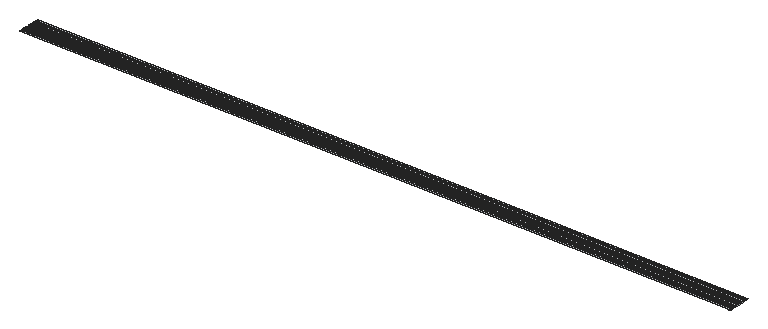
Revit family "RT450", category Generic Models, Revit 2020
Family settings
  Can host rebar = No
  Round Connector Dimension = Use Diameter
  Part Type = Normal
  Work Plane-Based = Yes
  Always vertical = No
  Cut with Voids When Loaded = No
  Shared = No
  Room Calculation Point = No
Parameters (values of type "NBS Standard Parameters")
  Weight = "34.8kg"
  WarrantyStartDate [instance] = ""
  WarrantyGuarantorParts = "12 Months"
  WarrantyGuarantorLabor = "n/a"
  WarrantyDurationUnit = "12 Months"
  WarrantyDurationParts = "n/a"
  WarrantyDurationLabor = "n/a"
  WarrantyDescription = "n/a"
  Version = "1"
  Uniclass2 = "Pr_65_70_11_17"
  URL = "www.metpro.co.uk"
  TagNumber [instance] = "n/a"
  SustainabilityPerformance = ""
  Size = "450mm"
  Shape = "Flat"
  SerialNumber [instance] = "n/a"
  Revision = "n/a"
  ReplacementCost = "n/a"
  ProductInformation = "www.metpro.co.uk/pdf/RT450.pdf"
  NominalWidth = 450 mm
  NominalLength = 15000 mm
  NominalHeight = 3.9 mm
  Name = "RT450 - Rollatray"
  NBSTypeID = ""
  NBSReference = "90-55-10/335"
  NBSOfficeMasterTag = ""
  NBSNote = ""
  NBSDescription = "Cable Tray"
  NBSCertification = ""
  ModelReference = "Cable Tray"
  ModelNumber = "RT450"
  Material = "Steel"
  ManufacturerURL = "www.metpro.co.uk"
  ManufacturerName = "Metpro ltd"
  Manufacturer = "Metpro Ltd"
  Keynote = ""
  InstallationDate [instance] = ""
  IfcExportType = ""
  IfcExportAs = ""
  Grade = "n/a"
  Finish = "Pre-Galvanised, dry oil to touch"
  Features = "n/a"
  ExpectedLife = "n/a"
  DurationUnit = "1 Year"
  Description = "RT450 = 450mm Rollatray"
  Default Elevation = 1219.2 mm
  Constituents = "n/a"
  Color = "Grey"
  CodePerformance = "n/a"
  Category = "n/a"
  BarCode [instance] = "n/a"
  BIMObjectName = "Metpro_Metprolibrary_Cabletray_General"
  Author = "Metpro"
  AssetType = ""
  AssetIdentifier [instance] = "n/a"
  AccessibilityPerformance = "n/a"
Reference planes
  plane 1 "Center (Front/Back)": y = 0
  plane 2: z = -49.367
  plane 3 "Center (Left/Right)": x = 0
Forms (mm)
  Extrusion 1, solid
    sketch origin (-3.322, 99.234, -24.021) x (0, 0, 1) y (0, 1, 0)
      loop
        line (27.321, 240.524) -> (27.321, -209.476) -> (28.321, -209.476) -> (28.321, -173.476) -> (31.221, -173.476) -> (31.221, -155.476) -> (28.321, -155.476) -> (28.321, -113.476) -> (31.221, -113.476) -> (31.221, -95.476) -> (28.321, -95.476) -> (28.321, -53.476) -> (31.221, -53.476) -> (31.221, -35.476) -> (28.321, -35.476) -> (28.321, 6.524) -> (31.221, 6.524) -> (31.221, 24.524) -> (28.321, 24.524) -> (28.321, 66.524) -> (31.221, 66.524) -> (31.221, 84.524) -> (28.321, 84.524) -> (28.321, 126.524) -> (31.221, 126.524) -> (31.221, 144.524) -> (28.321, 144.524) -> (28.321, 186.524) -> (31.221, 186.524) -> (31.221, 204.524) -> (28.321, 204.524) -> (28.321, 240.524) -> (27.321, 240.524)
    from 0 to 15000
Dimensions and locks
  aligned and locked: level to plane 2
